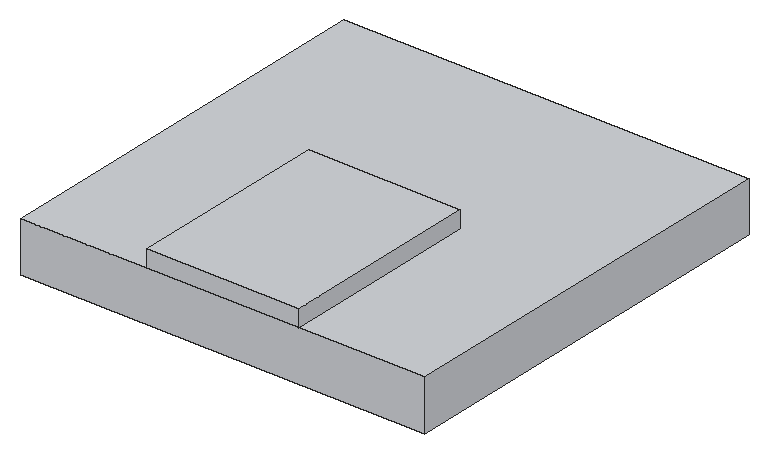
Revit family "M_Painel de controle e indicação dos bombeiros", category Equipamento elétrico, Revit 2019
Family settings
  Hospedeiro = Face
  Cota do conector redondo = Utilizar diâmetro
  Tipo de parte = Outros painéis
  Número OmniClass = 23.85.30.21.11.14
  Título OmniClass = Alarm Panels
  ID de item do Seek = Firefighter's Control and Indicating Panel-0000-CAN-ENU
  Corte com vazios quando carregada = Não
  Compartilhado = Não
  Ponto de cálculo do ambiente = Não
Parameters (values of type "Padrão")
  Largura = 1219 mm
  Material do painel = none
  Comprimento = 914 mm
  Altura = 102 mm
  Elevação-padrão = 1200 mm
Reference planes
  plane 1 "Centro (Frente/Trás)": y = 0
  plane 2: z = 0
  plane 3 "Centro (Esquerda/Direita)": x = 0
  plane 4: x = -457
  plane 5: x = 457
  plane 6: y = -1219
  plane 7: z = 102
Forms (mm)
  Extrusion 1, solid
    sketch origin (0, 0, 0) x (1, 0, 0) y (0, 1, 0)
      loop
        line (-1219.2, 1219.2) -> (-1219.2, -1219.2) -> (1219.2, -1219.2) -> (1219.2, 1219.2) -> (-1219.2, 1219.2)
    from 0 to -304.8
  Extrusion 2, solid, material <- "Material do painel"
    sketch origin (0, 0, 0) x (1, 0, 0) y (0, 1, 0)
      loop
        line (-457, 0) -> (-457, -1219) -> (457, -1219) -> (457, 0) -> (-457, 0)
    from 0 to 102
Dimensions and locks
  "Largura": plane 1 "Centro (Frente/Trás)" to plane 6
  equal spacing: plane 4, plane 3 "Centro (Esquerda/Direita)", plane 5
  "Comprimento": plane 4 to plane 5
  "Altura": plane 7 to plane 2
  aligned and locked: plane 2 to Extrusion 1
  aligned and locked: level to Extrusion 1
  aligned and locked: plane 4 to Extrusion 2 sketch curve
  aligned and locked: plane 1 "Centro (Frente/Trás)" to Extrusion 2 sketch curve
  aligned and locked: plane 6 to Extrusion 2 sketch curve
  aligned and locked: Extrusion 2 sketch curve to plane 5
  aligned and locked: Extrusion 2 to plane 2
  aligned and locked: plane 7 to Extrusion 2
  aligned and locked: plane 5 to Extrusion 2
  aligned and locked: plane 2 to nested 1
  aligned and locked: plane 7 to nested 1
  aligned and locked: plane 4 to nested 1
  aligned and locked: plane 5 to nested 1
Automatic sketch dimensions
  Extrusion 1 sketch curve to Extrusion 1 sketch curve = 2438.4 mm  (x2)
Nested families
  nested 1: "M_Anotação do controle dos bombeiros e painel de indicação" at (546.1, 0, -139.5) x (1, 0, 0) z (0, -1, 0), type "Anotação do controle dos bombeiros e painel de indicação", detail levels coarse+medium
    with Largura 102 mm, Comprimento 914 mm
Connectors
  electrical at (0, 0, 51)
    settings: on Extrusion 2, index 1, voltage 0 V, apparent load 0 VA, apparent load phase1 0 VA, apparent load phase2 0 VA, apparent load phase3 0 VA, power factor 1, load classification "Outros", number of poles 1, system type 11, power factor state 1, is connector primary yes, connector utility no, sub classification motor no, connector description ""
  cabletrayconduit at (0, 0, 51), diameter 600
    settings: on Extrusion 2, index 2, connector width 300 mm, connector height 300 mm, connector angle 0.00°, system type 32, placement type 1, profile type 0, connector reference index -1, is primary connector yes, connector utility param no, connector description ""
  cabletrayconduit at (-457, -609.5, 51), diameter 600
    settings: on Extrusion 2, index 3, connector width 300 mm, connector height 300 mm, connector angle 0.00°, system type 32, placement type 1, profile type 0, connector reference index -1, is primary connector no, connector utility param no, connector description ""
  cabletrayconduit at (457, -609.5, 51), diameter 600
    settings: on Extrusion 2, index 4, connector width 300 mm, connector height 300 mm, connector angle 0.00°, system type 32, placement type 1, profile type 0, connector reference index -1, is primary connector no, connector utility param no, connector description ""
  cabletrayconduit at (0, -609.5, 0), diameter 600
    settings: on Extrusion 2, index 5, connector width 300 mm, connector height 300 mm, connector angle 0.00°, system type 32, placement type 1, profile type 0, connector reference index -1, is primary connector no, connector utility param no, connector description ""
  cabletrayconduit at (0, -1219, 51), diameter 600
    settings: on Extrusion 2, index 6, connector width 300 mm, connector height 300 mm, connector angle 0.00°, system type 32, placement type 1, profile type 0, connector reference index -1, is primary connector no, connector utility param no, connector description ""
Definition of nested family "M_Anotação do controle dos bombeiros e painel de indicação"
  Parameters
    Largura [instance] = 127 mm
    Comprimento [instance] = 127 mm
    Assembly Code = ""
  Reference planes
    plane 1 "Centro (Frente/Trás)": y = 190.5
    plane 2: z = 0
    plane 3 "Centro (Esquerda/Direita)": x = -546.1
    plane 4: x = -609.6
    plane 5: x = -482.6
    plane 6: y = 254
    plane 7: y = 127
  Lines and regions (mm)
    Filled region 1, type "Preenchimento sólido - Preto", in view "Nível de referência"
      outline origin (-289.299, 369.803, 0) x (1, 0, 0) y (0, 1, 0)
        loop
          arc (-267.454, -174.261) -> (-270.418, -177.069) -> (-267.454, -179.877) r 2.812
          line (-267.454, -179.877) -> (-264.469, -179.877) -> (-264.469, -183.595) -> (-263.333, -183.595) -> (-263.333, -174.261) -> (-267.454, -174.261)
        loop
          arc (-267.454, -175.373) -> (-269.164, -177.077) -> (-267.454, -178.78) r 1.703
          line (-267.454, -178.78) -> (-264.469, -178.78) -> (-264.469, -175.373) -> (-267.454, -175.373)
        loop
          line (-259.899, -174.204) -> (-261.162, -174.204) -> (-261.162, -183.595) -> (-259.899, -183.595) -> (-259.899, -174.204)
        loop
          line (-248.639, -174.204) -> (-248.639, -175.365) -> (-243.691, -175.365) -> (-243.691, -178.243) -> (-248.033, -178.243) -> (-248.033, -179.303) -> (-243.691, -179.303) -> (-243.691, -183.545) -> (-242.378, -183.545) -> (-242.378, -174.204) -> (-248.639, -174.204)
        loop
          line (-258.083, -176.835) -> (-257.042, -177.093)
          arc (-257.042, -177.093) -> (-255.931, -175.557) -> (-254.065, -175.224) r 2.531
          arc (-254.065, -175.224) -> (-251.034, -178.967) -> (-254.065, -182.709) r 3.826
          arc (-254.065, -182.709) -> (-255.922, -182.362) -> (-257.024, -180.828) r 2.536
          line (-257.024, -180.828) -> (-258.084, -181.089)
          arc (-258.084, -181.089) -> (-256.598, -183.224) -> (-254.065, -183.815) r 3.627
          arc (-254.065, -183.815) -> (-249.992, -178.961) -> (-254.065, -174.108) r 4.928
          arc (-254.065, -174.108) -> (-256.598, -174.7) -> (-258.083, -176.835) r 3.628
    detail lines, in view "Nível de referência"
      curve 1: line (-609.6, 254, 0) -> (-482.6, 254, 0)
      curve 2: line (-609.6, 127, 0) -> (-609.6, 254, 0)
      curve 3: line (-482.6, 127, 0) -> (-609.6, 127, 0)
      curve 4: line (-482.6, 254, 0) -> (-482.6, 127, 0)
      curve 5: line (-531.678, 195.599, 0) -> (-531.678, 186.258, 0)
      curve 6: line (-531.678, 186.258, 0) -> (-532.99, 186.258, 0)
      curve 7: line (-532.99, 186.258, 0) -> (-532.99, 190.5, 0)
      curve 8: line (-532.99, 190.5, 0) -> (-537.333, 190.5, 0)
      curve 9: line (-537.333, 190.5, 0) -> (-537.333, 191.56, 0)
      curve 10: line (-537.333, 191.56, 0) -> (-532.99, 191.56, 0)
      curve 11: line (-532.99, 191.56, 0) -> (-532.99, 194.438, 0)
      curve 12: line (-532.99, 194.438, 0) -> (-537.939, 194.438, 0)
      curve 13: line (-537.939, 194.438, 0) -> (-537.939, 195.599, 0)
      curve 14: line (-537.939, 195.599, 0) -> (-531.678, 195.599, 0)
      curve 15: line (-549.199, 195.599, 0) -> (-549.199, 186.207, 0)
      curve 16: line (-549.199, 186.207, 0) -> (-550.461, 186.207, 0)
      curve 17: line (-550.461, 186.207, 0) -> (-550.461, 195.599, 0)
      curve 18: line (-550.461, 195.599, 0) -> (-549.199, 195.599, 0)
      curve 19: line (-552.632, 195.542, 0) -> (-552.632, 186.207, 0)
      curve 20: line (-552.632, 186.207, 0) -> (-553.768, 186.207, 0)
      curve 21: line (-553.768, 186.207, 0) -> (-553.768, 189.926, 0)
      curve 22: line (-553.768, 191.023, 0) -> (-553.768, 194.429, 0)
      curve 23: arc (-556.753, 189.926, 0) -> (-559.717, 192.734, 0) -> (-556.753, 195.542, 0) r 2.812
      curve 24: arc (-556.753, 194.429, 0) -> (-558.463, 192.726, 0) -> (-556.753, 191.023, 0) r 1.703
      curve 25: line (-556.753, 191.023, 0) -> (-553.768, 191.023, 0)
      curve 26: line (-556.753, 195.542, 0) -> (-552.632, 195.542, 0)
      curve 27: line (-556.753, 194.429, 0) -> (-553.768, 194.429, 0)
      curve 28: line (-556.753, 189.926, 0) -> (-553.768, 189.926, 0)
      curve 29: spline (-543.364, 195.695, 0) -> (-542.301, 195.529, 0) -> (-541.31, 195.044, 0) -> (-540.46, 194.273, 0) -> (-539.807, 193.268, 0) -> (-539.397, 192.097, 0) -> (-539.257, 190.841, 0) -> (-539.397, 189.585, 0) -> (-539.807, 188.415, 0) -> (-540.46, 187.409, 0) -> (-541.31, 186.638, 0) -> (-542.301, 186.153, 0) -> (-543.364, 185.988, 0)
      curve 30: arc (-547.382, 192.968, 0) -> (-545.897, 195.103, 0) -> (-543.364, 195.695, 0) r 3.628
      curve 31: arc (-547.383, 188.714, 0) -> (-545.897, 186.579, 0) -> (-543.364, 185.988, 0) r 3.627
      curve 32: line (-543.413, 194.588, 0) -> (-543.413, 187.084, 0)
      curve 33: arc (-546.341, 192.71, 0) -> (-545.251, 194.232, 0) -> (-543.413, 194.588, 0) r 2.531
      curve 34: arc (-543.413, 187.084, 0) -> (-545.242, 187.454, 0) -> (-546.323, 188.974, 0) r 2.536
      curve 35: line (-547.382, 192.968, 0) -> (-546.341, 192.71, 0)
      curve 36: line (-547.383, 188.714, 0) -> (-546.323, 188.974, 0)
  Dimensions and locks
    equal spacing: plane 4, plane 3 "Centro (Esquerda/Direita)", plane 5
    "Comprimento": plane 4 to plane 5
    equal spacing: plane 6, plane 1 "Centro (Frente/Trás)", plane 7
    "Largura": plane 6 to plane 7
    aligned and locked: plane 4 to curve 1
    aligned and locked: curve 1 to plane 6
    aligned and locked: plane 7 to curve 4
    aligned and locked: curve 4 to plane 5
    aligned and locked: Filled region 1 sketch curve to curve 26
    aligned and locked: Filled region 1 sketch curve to curve 23
    aligned and locked: Filled region 1 sketch curve to curve 27
    aligned and locked: Filled region 1 sketch curve to curve 24
    aligned and locked: Filled region 1 sketch curve to curve 25
    aligned and locked: Filled region 1 sketch curve to curve 22
    aligned and locked: Filled region 1 sketch curve to curve 28
    aligned and locked: Filled region 1 sketch curve to curve 19
    aligned and locked: Filled region 1 sketch curve to curve 21
    aligned and locked: Filled region 1 sketch curve to curve 20
    aligned and locked: Filled region 1 sketch curve to curve 15
    aligned and locked: Filled region 1 sketch curve to curve 17
    aligned and locked: Filled region 1 sketch curve to curve 18
    aligned and locked: Filled region 1 sketch curve to curve 16
    aligned and locked: Filled region 1 sketch curve to curve 14
    aligned and locked: Filled region 1 sketch curve to curve 5
    aligned and locked: Filled region 1 sketch curve to curve 6
    aligned and locked: Filled region 1 sketch curve to curve 7
    aligned and locked: Filled region 1 sketch curve to curve 8
    aligned and locked: Filled region 1 sketch curve to curve 9
    aligned and locked: Filled region 1 sketch curve to curve 10
    aligned and locked: Filled region 1 sketch curve to curve 11
    aligned and locked: Filled region 1 sketch curve to curve 12
    aligned and locked: Filled region 1 sketch curve to curve 13
    aligned and locked: Filled region 1 sketch curve to curve 35
    aligned and locked: Filled region 1 sketch curve to curve 36
    aligned and locked: curve 8 to plane 1 "Centro (Frente/Trás)"
  Automatic sketch dimensions
    curve 23 to curve 24 = 0.145 mm
    curve 23 to curve 27 = 0.152 mm
    curve 23 to curve 27 = 0 mm
    curve 24 to curve 23 = 0.007 mm
    curve 25 to curve 23 = 0 mm
    curve 28 to curve 20 = 2.985 mm
    curve 24 to curve 27 = 2.985 mm
    curve 22 to curve 26 = 1.136 mm
    curve 19 to curve 16 = 2.171 mm
    curve 17 to curve 18 = 1.262 mm
    curve 15 to curve 36 = 1.815 mm
    curve 15 to curve 35 = 1.816 mm
    curve 30 to curve 35 = 1.041 mm
    curve 36 to curve 34 = 1.06 mm
    curve 33 to curve 33 = 2.457 mm
    curve 33 to curve 31 = 0.023 mm
    curve 31 to curve 34 = 0.001 mm
    curve 33 to curve 30 = 0.024 mm
    curve 30 to curve 32 = 0.447 mm
    curve 32 to curve 30 = 0.049 mm
    curve 30 to curve 13 = 5.426 mm
    curve 12 to curve 9 = 0.606 mm
    curve 8 to curve 7 = 4.342 mm
    curve 10 to curve 7 = 0 mm
    curve 6 to curve 5 = 1.313 mm
    curve 13 to curve 30 = 0.096 mm
    curve 18 to curve 29 = 0.096 mm
    curve 26 to curve 17 = 0.057 mm
    curve 32 to curve 30 = 1.106 mm
    curve 12 to curve 5 = 1.161 mm
    curve 27 to curve 23 = 1.113 mm
    curve 30 to curve 15 = 2.631 mm
    curve 23 to curve 24 = 1.696 mm
    curve 24 to curve 23 = 0.008 mm
    curve 33 to curve 30 = 0.258 mm
    curve 29 to curve 30 = 1.26 mm
    curve 9 to curve 9 = 1.06 mm
    curve 34 to curve 29 = 1.261 mm
    curve 31 to curve 34 = 0 mm
    curve 36 to curve 34 = 0.261 mm
    curve 5 to curve 7 = 4.242 mm
    curve 17 to curve 31 = 2.506 mm
    curve 19 to curve 16 = 0 mm
    Filled region 1 sketch curve to Filled region 1 sketch curve = 1.815 mm
    Filled region 1 sketch curve to Filled region 1 sketch curve = 1.816 mm
    Filled region 1 sketch curve to Filled region 1 sketch curve = 1.041 mm
    Filled region 1 sketch curve to Filled region 1 sketch curve = 1.06 mm
    Filled region 1 sketch curve to Filled region 1 sketch curve = 2.103 mm
    Filled region 1 sketch curve to Filled region 1 sketch curve = 0.06 mm
    Filled region 1 sketch curve to Filled region 1 sketch curve = 0.275 mm
    Filled region 1 sketch curve to Filled region 1 sketch curve = 0.298 mm
    Filled region 1 sketch curve to Filled region 1 sketch curve = 0.001 mm
    Filled region 1 sketch curve to Filled region 1 sketch curve = 0.024 mm
    Filled region 1 sketch curve to Filled region 1 sketch curve = 0.496 mm  (x2)
    Filled region 1 sketch curve to Filled region 1 sketch curve = 0 mm  (x3)
    Filled region 1 sketch curve to Filled region 1 sketch curve = 1.256 mm
    Filled region 1 sketch curve to Filled region 1 sketch curve = 0.005 mm
    Filled region 1 sketch curve to Filled region 1 sketch curve = 2.987 mm
    curve 23 to plane 1 "Centro (Frente/Trás)" = 2.234 mm
    curve 23 to plane 3 "Centro (Esquerda/Direita)" = 10.805 mm
